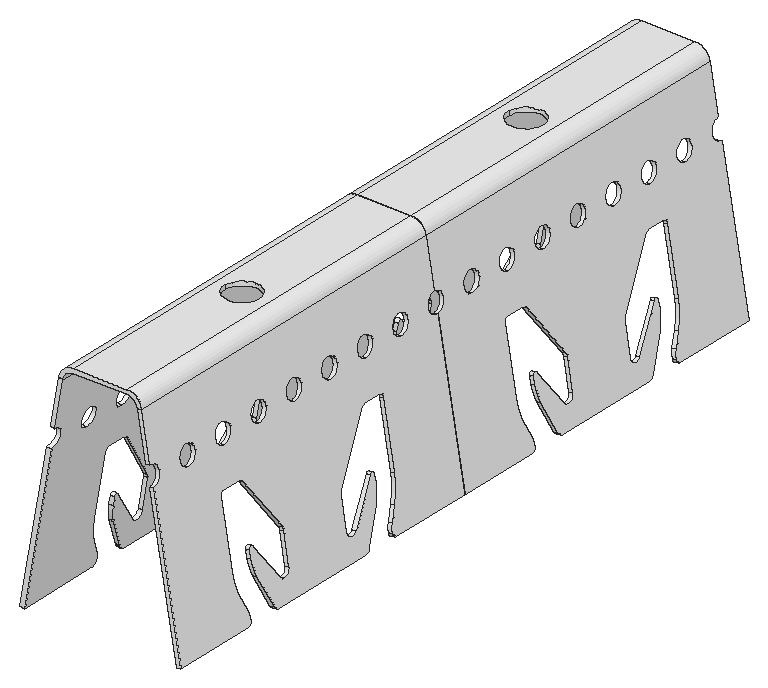
Revit family "HeartFelt-Linear-Carrier1-M80_HunterDouglasEurope", category Specialty Equipment, Revit 2016
Family settings
  Part Type = Normal
  Round Connector Dimension = Use Diameter
  OmniClass Number = 23.35.70.24.11.11.11
  OmniClass Title = Suspended Ceilings, Suspension Assembly
  Work Plane-Based = No
  Always vertical = No
  Cut with Voids When Loaded = No
  Shared = No
  Room Calculation Point = No
Parameters (values of type "HeartFelt AL Carrier1 M80_Transparent Coated")
  URL = "http://www.hunterdouglasarchitectural.eu/en-GB/ceilings/textile/heartfelt/index.jsp"
  Thickness = 0.95 mm
  System Weight (Panel1 40x55) = "3.9 kg/m²"  # constant formula
  System Openness = "50%"  # constant formula
  System Joint Width = "40mm"  # constant formula
  Substrate = "Aluminum"  # constant formula
  Subcategory = "HeartFelt® Ceilings"  # constant formula
  Product Line = "HeartFelt® Linear"  # constant formula
  Product Data = "http://assets2.hunterdouglascontract.com/documents/ceiling/Brochures/United%20Kingdom/Brochure-Heartfelt-en-UK.pdf"
  Model = "HeartFelt Carrier 1 M80"  # constant formula
  Material = Aluminum-7178_HunterDouglasEurope
  Manufacturer = "Hunter Douglas"  # constant formula
  Maintenance Instructions = "http://assets2.hunterdouglascontract.com/documents/ceiling/Brochures/_default/Cleaning-and-Maintenance-HeartFelt.pdf"
  Length [instance] = round(Carrier_actual length / 80.00 mm) * 80.00 mm  # 160.00 mm
  Instructions for Disassembly = "http://assets2.hunterdouglascontract.com/documents/ceiling/Installation%20Manuals/_default/Instructions-for-disassembly-or-component-extraction-of-HeartFelt-Linear-Felt-Ceilings.pdf"
  Instalation Instructions = "http://assets2.hunterdouglascontract.com/documents/ceiling/Installation%20Manuals/_default/Installation-Instructions-HeartFelt-EN.pdf"
  Height = 52.00 mm
  Fire rating = ""
  EN13501-1_Fire rating = "Class A2,s1,d0"  # constant formula
  Description = ""
  Colour Code = "7178"
  Carrier_length (max5000) [instance] = 160.00 mm
  Carrier_actual length [instance] = if([Carrier_length (max5000)] < 5000.00 mm, if([Carrier_length (max5000)] > 160.00 mm, [Carrier_length (max5000)], 160.00 mm), 5000.00 mm)  # 160.00 mm
  Carrier Exact Length = "4955mm"  # constant formula
  Article Code = "332078"  # constant formula
  Amount of Prongs [instance] = rounddown((Carrier_actual length - 40.00 mm) / 80.00 mm) + 1  # 2
  Alloy = "EN AW 5050"  # constant formula
Types (2, lengths in mm): name | Material | Colour Code
  HeartFelt AL Carrier1 M80_Transparent Coated | Aluminum-7178_HunterDouglasEurope | "7178"
  HeartFelt AL Carrier1 M80_Black | Aluminum-1863_HunterDouglasEurope | "1863"
Reference planes
  plane 1 "Center (Front/Back)": y = 0
  plane 2: z = 0
  plane 3 "Center (Left/Right)": x = 0
  plane 4 "Panel end": y = 120
  plane 5 "Panel start": y = -40
  plane 6: y = 0
  plane 7: y = 80
Dimensions and locks
  plane 5 "Panel start" to plane 1 "Center (Front/Back)" = 40.00 mm
  group 1 to group 2 = 0.00 mm  (x2)
  group 1 to group 2 = 80.00 mm
  plane 1 "Center (Front/Back)" to plane 7 = 80.00 mm
  "Carrier_length (max5000)": plane 4 "Panel end" to plane 5 "Panel start"
  aligned and locked: level to plane 2
  aligned and locked: plane 6 to plane 1 "Center (Front/Back)"
  aligned and locked: nested 1 to plane 5 "Panel start"
Nested families
  nested 1: "Module-80-Prong_HDE" at (0, 0, 0), type "Prong_M80"
  nested 2: "Module-80-Prong_HDE" at (0, 80, 0), type "Prong_M80"
Definition of nested family "Module-80-Prong_HDE"
  Parameters (values of type "Prong_M80")
    URL = "http://www.hunterdouglasarchitectural.eu/en-GB/ceilings/textile/heartfelt/index.jsp"
    Substrate = "Aluminum"  # constant formula
    Subcategory = "HeartFelt® Ceilings"  # constant formula
    Product Line = "HeartFelt® Linear"  # constant formula
    Model = "HeartFelt Carrier 1 M80"  # constant formula
    Material = none
    Manufacturer = "Hunter Douglas"  # constant formula
    Fire rating = ""
    Description = ""
    Colour Code = "7178"
    Article Code = "332078"  # constant formula
    Alloy = "EN AW 5050"  # constant formula
  Reference planes
    plane 1 "Center (Front/Back)": y = 0
    plane 2: z = 0
    plane 3 "Center (Left/Right)": x = 0
    plane 4 "Panel start": y = -40
    plane 5 "Right": through (18.054, -1524, 37.847) normal (-0.9848, 0, -0.1736)
    plane 6 "Left": through (-9.36, -1524, 87.149) normal (0.9848, 0, -0.1736)
    plane 7 "Panel end": y = 40
  Forms (mm)
    Extrusion 1, solid, material <- "Material"
      sketch origin (23.982, 0, 4.229) x (0.173648, 0, -0.984808) y (0, -1, 0)
        loop
          line (-34.137, 40) -> (-69, 40)
          arc (-69, 40) -> (-71.25, 37.75) -> (-73.5, 40) r 2.25
          line (-73.5, 40) -> (-84.2, 40) -> (-84.2, -40) -> (-73.5, -40)
          arc (-73.5, -40) -> (-71.25, -37.75) -> (-69, -40) r 2.25
          line (-69, -40) -> (-34.137, -40) -> (-34.137, -20.997)
          arc (-34.137, -20.997) -> (-34.403, -20.317) -> (-35.061, -20) r 1
          arc (-35.061, -20) -> (-36.061, -20.06) -> (-37.015, -20.366) r 4
          line (-37.015, -20.366) -> (-39.951, -21.735)
          arc (-39.951, -21.735) -> (-42.734, -22.68) -> (-45.656, -23) r 13.5
          line (-45.656, -23) -> (-60.137, -23)
          arc (-60.137, -23) -> (-60.844, -22.707) -> (-61.137, -22) r 1
          line (-61.137, -22) -> (-61.137, -17.818)
          arc (-61.137, -17.818) -> (-61.024, -17.356) -> (-60.71, -16.998) r 1
          line (-60.71, -16.998) -> (-48.196, -8.236)
          arc (-48.196, -8.236) -> (-47.84, -8.06) -> (-47.448, -8) r 1.305
          line (-47.448, -8) -> (-40.398, -8)
          arc (-40.398, -8) -> (-38.972, -9.046) -> (-39.54, -10.72) r 1.495
          line (-39.54, -10.72) -> (-47.924, -16.59)
          arc (-47.924, -16.59) -> (-48.114, -17.15) -> (-47.637, -17.5) r 0.5
          line (-47.637, -17.5) -> (-45.878, -17.5)
          arc (-45.878, -17.5) -> (-43.93, -17.287) -> (-42.074, -16.657) r 9
          line (-42.074, -16.657) -> (-35.003, -13.359)
          arc (-35.003, -13.359) -> (-34.372, -12.806) -> (-34.137, -12) r 1.5
          line (-34.137, -12) -> (-34.137, 12)
          arc (-34.137, 12) -> (-34.372, 12.806) -> (-35.003, 13.359) r 1.5
          line (-35.003, 13.359) -> (-42.074, 16.657)
          arc (-42.074, 16.657) -> (-43.93, 17.287) -> (-45.878, 17.5) r 9
          line (-45.878, 17.5) -> (-47.637, 17.5)
          arc (-47.637, 17.5) -> (-48.114, 17.15) -> (-47.924, 16.59) r 0.5
          line (-47.924, 16.59) -> (-39.54, 10.72)
          arc (-39.54, 10.72) -> (-38.972, 9.046) -> (-40.398, 8) r 1.495
          line (-40.398, 8) -> (-47.448, 8)
          arc (-47.448, 8) -> (-47.84, 8.06) -> (-48.196, 8.236) r 1.305
          line (-48.196, 8.236) -> (-60.71, 16.998)
          arc (-60.71, 16.998) -> (-61.024, 17.356) -> (-61.137, 17.818) r 1
          line (-61.137, 17.818) -> (-61.137, 22)
          arc (-61.137, 22) -> (-60.844, 22.707) -> (-60.137, 23) r 1
          line (-60.137, 23) -> (-45.656, 23)
          arc (-45.656, 23) -> (-42.734, 22.68) -> (-39.951, 21.735) r 13.5
          line (-39.951, 21.735) -> (-37.015, 20.366)
          arc (-37.015, 20.366) -> (-36.061, 20.06) -> (-35.061, 20) r 4
          arc (-35.061, 20) -> (-34.403, 20.317) -> (-34.137, 20.997) r 1
          line (-34.137, 20.997) -> (-34.137, 40)
        loop
          circle (-71.25, 20) r 2.25
        loop
          circle (-71.25, 10) r 2.25
        loop
          circle (-71.25, 0) r 2.25
        loop
          circle (-71.25, -10) r 2.25
        loop
          circle (-71.25, -20) r 2.25
        loop
          circle (-71.25, 30) r 2.25
        loop
          circle (-71.25, -30) r 2.25
      from 0.95 to 0
    Extrusion 2, solid, material <- "Material"
      sketch origin (-23.982, 0, 4.229) x (0.173648, 0, 0.984808) y (0, -1, 0)
        loop
          line (84.2, 40) -> (73.5, 40)
          arc (73.5, 40) -> (71.25, 37.75) -> (69, 40) r 2.25
          line (69, 40) -> (34.137, 40) -> (34.137, 21)
          arc (34.137, 21) -> (34.43, 20.293) -> (35.137, 20) r 1
          arc (35.137, 20) -> (36.102, 20.07) -> (37.023, 20.37) r 4
          line (37.023, 20.37) -> (39.951, 21.735)
          arc (39.951, 21.735) -> (42.734, 22.68) -> (45.656, 23) r 13.5
          line (45.656, 23) -> (60.137, 23)
          arc (60.137, 23) -> (60.844, 22.707) -> (61.137, 22) r 1
          line (61.137, 22) -> (61.137, 17.818)
          arc (61.137, 17.818) -> (61.024, 17.356) -> (60.71, 16.998) r 1
          line (60.71, 16.998) -> (48.195, 8.235)
          arc (48.195, 8.235) -> (47.84, 8.06) -> (47.449, 8) r 1.3
          line (47.449, 8) -> (40.413, 8)
          arc (40.413, 8) -> (38.982, 9.049) -> (39.552, 10.729) r 1.5
          line (39.552, 10.729) -> (47.924, 16.59)
          arc (47.924, 16.59) -> (48.114, 17.15) -> (47.637, 17.5) r 0.5
          line (47.637, 17.5) -> (45.878, 17.5)
          arc (45.878, 17.5) -> (43.93, 17.287) -> (42.074, 16.657) r 9
          line (42.074, 16.657) -> (35.003, 13.359)
          arc (35.003, 13.359) -> (34.372, 12.806) -> (34.137, 12) r 1.5
          line (34.137, 12) -> (34.137, -12)
          arc (34.137, -12) -> (34.372, -12.806) -> (35.003, -13.359) r 1.5
          line (35.003, -13.359) -> (42.074, -16.657)
          arc (42.074, -16.657) -> (43.93, -17.287) -> (45.878, -17.5) r 9
          line (45.878, -17.5) -> (47.637, -17.5)
          arc (47.637, -17.5) -> (48.114, -17.15) -> (47.924, -16.59) r 0.5
          line (47.924, -16.59) -> (39.552, -10.729)
          arc (39.552, -10.729) -> (38.982, -9.049) -> (40.413, -8) r 1.5
          line (40.413, -8) -> (47.449, -8)
          arc (47.449, -8) -> (47.84, -8.06) -> (48.195, -8.235) r 1.3
          line (48.195, -8.235) -> (60.71, -16.998)
          arc (60.71, -16.998) -> (61.024, -17.356) -> (61.137, -17.818) r 1
          line (61.137, -17.818) -> (61.137, -22)
          arc (61.137, -22) -> (60.844, -22.707) -> (60.137, -23) r 1
          line (60.137, -23) -> (45.656, -23)
          arc (45.656, -23) -> (42.734, -22.68) -> (39.951, -21.735) r 13.5
          line (39.951, -21.735) -> (37.023, -20.37)
          arc (37.023, -20.37) -> (36.102, -20.07) -> (35.137, -20) r 4
          arc (35.137, -20) -> (34.43, -20.293) -> (34.137, -21) r 1
          line (34.137, -21) -> (34.137, -40) -> (69, -40)
          arc (69, -40) -> (71.25, -37.75) -> (73.5, -40) r 2.25
          line (73.5, -40) -> (84.2, -40) -> (84.2, 40)
        loop
          circle (71.25, -20) r 2.25
        loop
          circle (71.25, -10) r 2.25
        loop
          circle (71.25, 0) r 2.25
        loop
          circle (71.25, 10) r 2.25
        loop
          circle (71.25, 20) r 2.25
        loop
          circle (71.25, -30) r 2.25
        loop
          circle (71.25, 30) r 2.25
      from 0 to 0.95
    Extrusion 3, solid, material <- "Material"
      sketch origin (0, 0, 0) x (1, 0, 0) y (0, 0, 1)
        loop
          line (5.963, 90) -> (-5.963, 90)
          arc (-5.963, 90) -> (-8.18, 89.193) -> (-9.36, 87.149) r 3.45
          line (-9.36, 87.149) -> (-8.425, 86.984)
          arc (-8.425, 86.984) -> (-7.57, 88.465) -> (-5.963, 89.05) r 2.5
          line (-5.963, 89.05) -> (5.963, 89.05)
          arc (5.963, 89.05) -> (7.57, 88.465) -> (8.425, 86.984) r 2.5
          line (8.425, 86.984) -> (9.36, 87.149)
          arc (9.36, 87.149) -> (8.18, 89.193) -> (5.963, 90) r 3.45
      from 40 to -40
    Extrusion 4, void
      sketch origin (0, 0, 0) x (1, 0, 0) y (0, 1, 0)
        loop
          circle (0, 0) r 4
      from 90.5 to 88.5
  Cuts and joins
    Extrusion 4 cuts Extrusion 3
  Dimensions and locks
    plane 4 "Panel start" to plane 1 "Center (Front/Back)" = 40.00 mm
    plane 4 "Panel start" to plane 1 "Center (Front/Back)" to plane 7 "Panel end" = 40.00 mm, 40.00 mm
    aligned and locked: level to plane 2
    aligned and locked: Extrusion 1 to plane 4 "Panel start"
    aligned and locked: cut or joined group of Extrusion 3, Extrusion 4 to plane 4 "Panel start"
    aligned and locked: Extrusion 2 to plane 4 "Panel start"
    aligned and locked: plane 7 "Panel end" to Extrusion 1
    aligned and locked: plane 7 "Panel end" to cut or joined group of Extrusion 3, Extrusion 4
    aligned and locked: plane 7 "Panel end" to Extrusion 2
